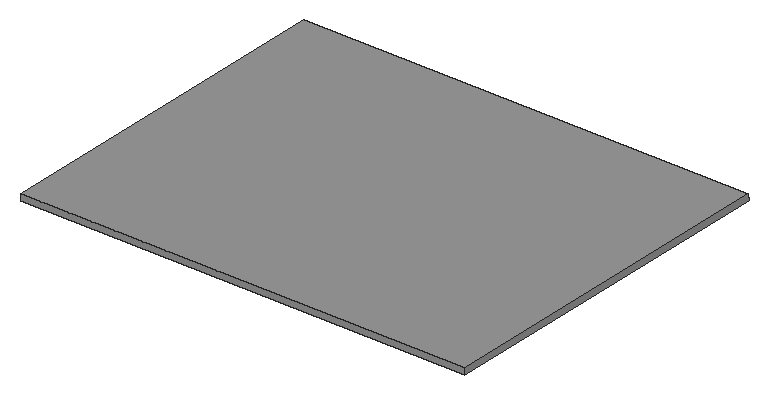
Revit family "ROTHOB_Rothoblaas_Membrane_BarrierAluNetSD1500", category Structural Connections, host Face, Revit 2020
Family settings
  Host = Face
  Material for Model Behavior = Other
  OmniClass Number = 23.13.25.25
  OmniClass Title = Air Barriers
  Enable cutting in views = Yes
  Cut with Voids When Loaded = No
  Shared = No
Parameters (values of type "WIDTHxHEIGHTmm")
  WaterVapourTransmition_Sd = "4000 m"  # constant formula
  WarrantyStartDate [instance] = ""
  WarrantyGuarantorParts = "n/a"  # constant formula
  WarrantyGuarantorLabor = "n/a"  # constant formula
  WarrantyDurationUnit = "n/a"  # constant formula
  WarrantyDurationParts = "n/a"  # constant formula
  WarrantyDurationLabor = "n/a"  # constant formula
  WarrantyDescription = "n/a"  # constant formula
  Version = "1"  # constant formula
  UniClass2015Version = "Products v1.33"  # constant formula
  UniClass2015Title = "Polyethylene sheets"  # constant formula
  UniClass2015Code = "Pr_25_57_65_63"  # constant formula
  UVStability = "336h (3 months)"  # constant formula
  Tipo IFC predefinito = "USERDEFINED"  # constant formula
  SustainabilityPerformance = "n/a"  # constant formula
  Size = "n/a"  # constant formula
  Shape = "Bidimensional"  # constant formula
  Revision = "n/a"  # constant formula
  ReplacementCost = "n/a"  # constant formula
  ReactionFire = "class B-s1,d0"  # constant formula
  ObjectMaterial = ROTHOB_Rothoblaas_Aluminium_Polyethylene
  NominalWidth = "n/a"  # constant formula
  NominalHeight = "n/a"  # constant formula
  MassUnitArea = "200 g/m2"  # constant formula
  Default Elevation = 1.2192 m
  ProductInformation = "https://www.rothoblaas.com/products/airtightness-and-waterproofing/membranes/barrier/barrier-alu-net-sd1500"  # constant formula
  OmniClassVersion = "2012-05-16"  # constant formula
  OmniClassTitle = "Air Barriers"  # constant formula
  OmniClassCode = "23.13.25.25"  # constant formula
  NominalLength = "n/a"  # constant formula
  InstallationDate [instance] = ""
  Height_H [instance] = 0.056713 m
  Name = "Membrane"  # constant formula
  ModelReference = "n/a"  # constant formula
  ModelNumber = "n/a"  # constant formula
  ModelDisclaimer = "The latest version of the data sheets can be found on our website"  # constant formula
  Material = "Aluminium and PE"  # constant formula
  ManufacturerURL = "www.rothoblaas.com"  # constant formula
  ManufacturerName = "ROTHO BLAAS SRL"  # constant formula
  Manufacturer = "info@rothoblaas.com"  # constant formula
  IfcExportType = "USERDEFINED"  # constant formula
  IfcExportAs = "IfcCoveringType.MEMBRANE"  # constant formula
  Length_L [instance] = 0.071193 m
  Grade = "n/a"  # constant formula
  Finish = "n/a"  # constant formula
  Features = "Flexible sheets for waterproofing"  # constant formula
  ExpectedLife = "n/a"  # constant formula
  Esporta tipo in formato IFC con nome = "IfcCoveringType.MEMBRANE"  # constant formula
  DurationUnit = "Years"  # constant formula
  Description = "Reflective vapour barrier Sd > 1500 m"  # constant formula
  Constituents = "n/a"  # constant formula
  Color = "Silver"  # constant formula
  CodePerformance = "CE - Construction products"  # constant formula
  Category = "Pr_25_57_65_63 - Polyethylene sheets"  # constant formula
  CETitle = "n/a"  # constant formula
  CECode = "EN 13984"  # constant formula
  BIMObjectName = "ROTHOB_Rothoblaas_Membrane_BarrierAluNetSD1500"  # constant formula
  EPDTitle = "n/a"  # constant formula
  EPDCode = "2021M10140"  # constant formula
  Author = "Vitor Ferronato"  # constant formula
  AssetType = "n/a"  # constant formula
  AccessibilityPerformance = "n/a"  # constant formula
Reference planes (m)
  plane 1 "Centro (Fronte/Retro)": y = 0
  plane 2: z = 0
  plane 3 "Centro (Sinistra/Destra)": x = 0
  plane 4: y = 0.028357
  plane 5: y = -0.028357
  plane 6: x = -0.035596
  plane 7: x = 0.035596
Forms (m)
  Extrusion 1, solid, material "ROTHOB_Rothoblaas_Aluminium_Polyethylene" <- "ObjectMaterial"
    sketch origin (0, 0, 0) x (1, 0, 0) y (0, 1, 0)
      loop
        line (-0.035596, 0.028357) -> (-0.035596, -0.028357) -> (0.035596, -0.028357) -> (0.035596, 0.028357) -> (-0.035596, 0.028357)
    from 0 to 0.001
Dimensions and locks (m)
  equal spacing: host sketch curve, plane 3 "Centro (Sinistra/Destra)", host sketch curve
  host sketch curve to host sketch curve = 0.075396 m
  equal spacing: host sketch curve, plane 1 "Centro (Fronte/Retro)", host sketch curve
  host sketch curve to host sketch curve = 0.063143 m
  equal spacing: plane 6, plane 3 "Centro (Sinistra/Destra)", plane 7
  "Length_L": plane 6 to plane 7
  equal spacing: plane 4, plane 1 "Centro (Fronte/Retro)", plane 5
  "Height_H": plane 4 to plane 5
  aligned and locked: plane 2 to host face
  aligned and locked: level to host face
  aligned and locked: Extrusion 1 sketch curve to plane 4
  aligned and locked: plane 6 to Extrusion 1 sketch curve
  aligned and locked: plane 7 to Extrusion 1 sketch curve
  aligned and locked: Extrusion 1 sketch curve to plane 5
